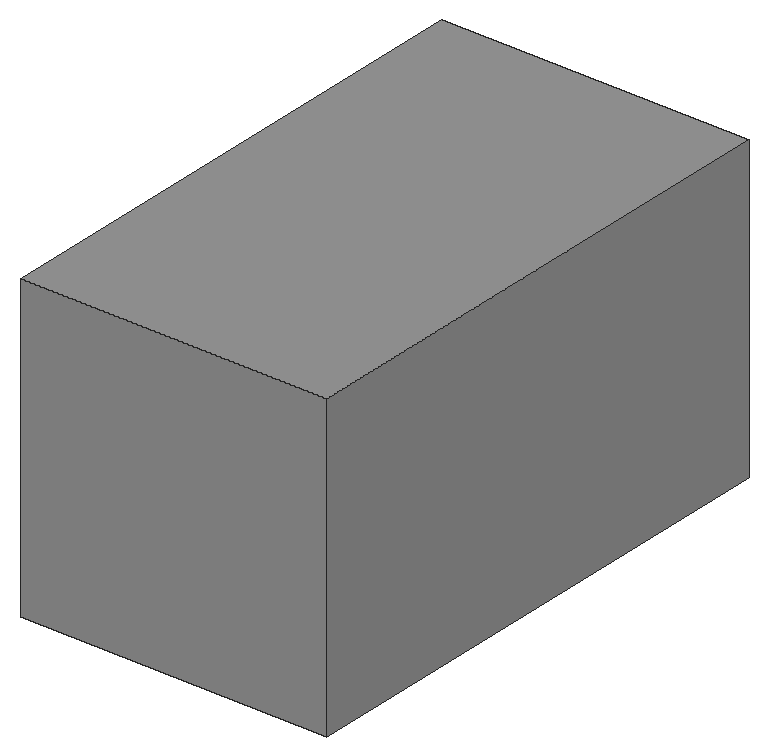
Revit family "PRE080015-FR", category Appareils sanitaires, Revit 2017
Family settings
  Cote de connecteur circulaire = Utiliser le diamètre
  Type d'élément = Normal
  Basée sur le plan de construction = Non
  Toujours verticalement = Oui
  Couper avec des vides une fois chargée = Non
  Partagée = Non
  Point de calcul de pièce = Non
Parameters (values of type "70806 PRESTO CHEF Mélangeur mural avec bec par-dessous")
  Variantes = "70806"
  Product data url = "https://www.bimobject.com/presto/product/pre080015"
  Product Guid = "4cf46d49-1ff3-4e6b-a9ef-2af74d86712c"
  Garantie = ""
  URL Fabricant = "http://www.prestodatashare.com/centretelechargement/index.php?lang=FR&refs=70806"
  URL = "http://www.prestodatashare.com/centretelechargement/index.php?lang=FR&refs=70806"
  Lien notice d'utilisation = "http://www.prestodatashare.com/centretelechargement/index.php?lang=FR&refs=70806"
  Lien fiche produit = "http://www.prestodatashare.com/espacedoc/Fiches_Techniques/FR/70806.pdf"
  Reference = "70806"
  Pression = ""
  Polantis code = "PRE080015"
  Perte de charge = 0.0 Pa
  Profondeur = 374 mm
  Modèle = "70806 PRESTO CHEF Mélangeur mural avec bec par-dessous"
  Matériau = Laiton poli chromé
  Lien CCTP = "http://www.prestodatashare.com/centretelechargement/index.php?lang=FR&refs=70806"
  Largeur = 217 mm
  HC = 25 mm
  Hauteur = 215 mm
  Fonction = "Bec orientable à 360°, saillie 300 mm, hauteur sous\"corps\" 182 mm, diamètre 22 mm. Epaisseur de bec : 1,5 mm.\nTête céramique 1/4 de tour avec débit 30L/min à 3 bar\nBrise-jet anti-tartre interchangeable\n\nPression d'utilisation recommandée : 1 à 5 bars\n\nDébit : 30L/min à 3 bar\n\nAlimentation hydraulique : Raccords excentrés M 1/2'' M 3/4'' fournis avec rosaces\n\nMatière et couleur de finition : \nCorps et bec en laiton chromé\nMatière conforme avec la liste \"UBA\"\n\nRésistance thermique : Résiste à une température de 75° C durant 30 minutes (dans le cadre de chocs thermiques)."
  Flux = 0.05 L/s
  Finition = "Corps en laiton chromé conforme aux normes NF EN1982/ NF EN 12164 / NF EN 12165\nTraitement de surface Nickel-Chrome selon NF EN12540\nRésistance au brouillard salin neutre (NSS) : 200 h selon NF ISO 9229"
  Fabricant = "LES ROBINETS PRESTO S.A."
  Edition number = 0
  Diamètre Nominal = 15 mm
  Description = "Produit résistant à un usage intensif\nInterface corps/bec renforcé avec double paliers de glissement : absence de jeu et endurance élevée\nBec cossu : diamètre 22 mm\nVolants intuitifs et ergonomiques : facilité de préhension\nHygiène : bec à intérieur lisse\nVersion murale : facilite le nettoyage et favorise une hygiène optimale\nFacilité de nettoyage\nBec haut pour laisser passer les grands contenants\nMaintenance aisée : présence d'une fente sous la pastille rouge/bleue permettant le passage d'un tournevis\nFacilité de maintenance : disponibilité de toutes les pièces d'usure\nBrise-jet pour canaliser l'eau et éviter les projections d'eau latérales"
  Debit = "3 l/min par limiteur de débit intégré\r\r\nAérateur anti-tartre haute qualité\r\r\nDispositif anti-coup de bélier"
  Raccordement = "2xG1/2 entraxe 150 derriere haut"
  Adresse = "7, RUE RACINE - 92542 MONTROUGE CEDEX FRANCE"
Reference planes
  plane 1 "Centre (avant/arrière)": y = 0
  plane 2: z = 0
  plane 3 "Centre (gauche/droite)": x = 0
  plane 4: y = -374
  plane 5: x = 217
  plane 6: z = 215
  plane 7: x = 108.5
  plane 8: z = 190
  plane 9: y = -25.5
  plane 10: z = 1
  plane 11: y = -1
  plane 12: x = 15
  plane 13: x = 202
Forms (mm)
  Extrusion 1, solid, material "Laiton poli chromé" <- "Matériau", detail levels fine
    sketch origin (0, 0, 0) x (1, 0, 0) y (0, 1, 0)
      loop
        line (0, 0) -> (0, -374) -> (217, -374) -> (217, 0) -> (0, 0)
    from 0 to 215
  Extrusion 2, solid, material "Laiton poli chromé" <- "Matériau", detail levels fine
    sketch origin (0, 0, 0) x (1, 0, 0) y (0, 0, 1)
      loop
        circle (15, 190) r 4
    from 0 to 1
  Extrusion 3, solid, material "Laiton poli chromé" <- "Matériau", detail levels fine
    sketch origin (0, 0, 0) x (1, 0, 0) y (0, 0, 1)
      loop
        circle (202, 190) r 4
    from 0 to 1
Cuts and joins
  joined: Extrusion 1, Extrusion 2, Extrusion 3
Dimensions and locks
  "Profondeur": plane 1 "Centre (avant/arrière)" to plane 4
  "Largeur": plane 3 "Centre (gauche/droite)" to plane 5
  "Hauteur": plane 6 to level
  equal spacing: plane 3 "Centre (gauche/droite)", plane 7, plane 5
  "HC": plane 6 to plane 8
  plane 1 "Centre (avant/arrière)" to plane 9 = 25.5 mm
  locked: plane 10 to plane 2 at 1
  locked: plane 1 "Centre (avant/arrière)" to plane 11 at 1
  locked: plane 13 to plane 5 at 15
  locked: plane 3 "Centre (gauche/droite)" to plane 12 at 15
  aligned and locked: level to plane 2
  aligned and locked: plane 1 "Centre (avant/arrière)" to Extrusion 1 sketch curve
  aligned and locked: plane 3 "Centre (gauche/droite)" to Extrusion 1 sketch curve
  aligned and locked: plane 4 to Extrusion 1 sketch curve
  aligned and locked: plane 5 to Extrusion 1 sketch curve
  aligned and locked: plane 6 to Extrusion 1
  aligned and locked: Extrusion 2 to plane 11
  aligned and locked: Extrusion 2 to plane 1 "Centre (avant/arrière)"
  aligned and locked: plane 7 to nested 1
  aligned and locked: plane 1 "Centre (avant/arrière)" to nested 1
  aligned and locked: nested 2 to plane 3 "Centre (gauche/droite)"
  aligned and locked: nested 2 to plane 4
Automatic sketch dimensions
  Extrusion 2 sketch curve to plane 8 = 0 mm
  plane 12 to Extrusion 2 sketch curve = 0 mm
  Extrusion 3 sketch curve to plane 8 = 0 mm
  Extrusion 3 sketch curve to plane 13 = 0 mm
  radius of Extrusion 2 sketch curve = 4 mm
  radius of Extrusion 3 sketch curve = 4 mm
Nested families
  nested 1: "Symbolique" at (0, -187, 82.5) x (0, 1, 0) z (0, 0, 1), type "Symbolique", detail levels coarse+medium
  nested 2: "S2D" at (217, -187, 0) x (0, 1, 0) z (0, 0, 1), type "S2D", detail levels coarse+medium
Connectors
  piping at (15, 0, 190), diameter 15, driven by "Flux", driven by "Perte de charge", driven by "Diamètre Nominal"
    settings: on Extrusion 2, index 2, connector inside diameter 609.6 mm, connector length 0 mm, flow factor 0, pipe flow 0.05 L/s, pressure drop 0.0 Pa, fitting loss kfactor 0, connector angle 0.00°, fixture units 0, engagement length 0 mm, angle of deflection 0.00°, flow configuration 0, flow direction 1, fitting loss method 4, system type 19, joint type 0, gender type 0, connector reference index -1, connector utility 0, adjustable connector no, is connector primary yes, connector description ""
  piping at (202, 0, 190), diameter 15, driven by "Diamètre Nominal", driven by "Flux", driven by "Perte de charge"
    settings: on Extrusion 3, index 3, connector inside diameter 609.6 mm, connector length 0 mm, flow factor 0, pipe flow 0.05 L/s, pressure drop 0.0 Pa, fitting loss kfactor 0, connector angle 0.00°, fixture units 0, engagement length 0 mm, angle of deflection 0.00°, flow configuration 0, flow direction 1, fitting loss method 4, system type 20, joint type 0, gender type 0, connector reference index -1, connector utility 0, adjustable connector no, is connector primary no, connector description ""
Definition of nested family "Symbolique"
  Parameters (values of type "Symbolique")
    V = yes
    P = 1000 mm
    L = 1000 mm
    H = 1000 mm
  Reference planes
    plane 1 "Centre (avant/arrière)": y = 0
    plane 2: z = 0
    plane 3 "Centre (gauche/droite)": x = 0
    plane 4: y = -1000
    plane 5: x = -500
    plane 6: x = 500
    plane 7: z = 1000
    plane 8: z = 500
    plane 9: y = -500
  Lines and regions (mm)
    model lines, visible <- "V"
      curve 1: line (-500, -1000, 500) -> (-500, 0, 500)
      curve 2: line (500, -1000, 500) -> (500, 0, 500)
      curve 3: line (500, 0, 500) -> (-500, -1000, 500)
      curve 4: line (-500, 0, 500) -> (500, -1000, 500)
  Dimensions and locks
    "H": plane 7 to plane 2
    equal spacing: plane 5, plane 3 "Centre (gauche/droite)", plane 6
    "L": plane 5 to plane 6
    equal spacing: plane 7, plane 8, level
    equal spacing: plane 4, plane 9, plane 1 "Centre (avant/arrière)"
    "P": plane 1 "Centre (avant/arrière)" to plane 4
    aligned and locked: level to plane 2
  Automatic sketch dimensions
    plane 1 "Centre (avant/arrière)" to curve 3 = 0 mm
    curve 3 to plane 6 = 0 mm
    curve 3 to plane 4 = 0 mm
    curve 3 to plane 5 = 0 mm
    plane 1 "Centre (avant/arrière)" to curve 1 = 0 mm
    curve 2 to plane 4 = 0 mm
Definition of nested family "S2D"
  Parameters (values of type "S2D")
    P = 788.322 mm
    L = 1600 mm
    H = 1250.021 mm
  Reference planes
    plane 1 "Centre (avant/arrière)": y = 0
    plane 2: z = 0
    plane 3 "Centre (gauche/droite)": x = 0
    plane 4: y = 788.322
    plane 5: x = -800
    plane 6: x = 800
    plane 7: y = 394.161
    plane 8: z = 1250.021
    plane 9: z = 625.01
  Lines and regions (mm)
    symbolic lines
      curve 1: line (-800, 788.322, 0) -> (800, 0, 0)
      curve 2: line (800, 0, 0) -> (800, 788.322, 0)
      curve 3: line (800, 788.322, 0) -> (-800, 0, 0)
      curve 4: line (-800, 0, 0) -> (-800, 788.322, 0)
      curve 5: line (-800, 0, 0) -> (-800, 0, 1250.021)
      curve 6: line (-800, 0, 1250.021) -> (800, 0, 0)
      curve 7: line (800, 0, 0) -> (800, 0, 1250.021)
      curve 8: line (800, 0, 1250.021) -> (-800, 0, 0)
      curve 9: line (0, 0, 1250.021) -> (0, 0, 0)
      curve 10: line (0, 0, 0) -> (0, 788.322, 1250.021)
      curve 11: line (0, 788.322, 1250.021) -> (0, 788.322, 0)
      curve 12: line (0, 788.322, 0) -> (0, 0, 1250.021)
  Dimensions and locks
    equal spacing: plane 5, plane 3 "Centre (gauche/droite)", plane 6
    equal spacing: plane 1 "Centre (avant/arrière)", plane 7, plane 4
    "P": plane 1 "Centre (avant/arrière)" to plane 4
    "L": plane 5 to plane 6
    equal spacing: plane 8, plane 9, level
    "H": plane 8 to plane 2
    aligned and locked: level to plane 2
  Automatic sketch dimensions
    plane 1 "Centre (avant/arrière)" to curve 3 = 0 mm
    curve 1 to plane 4 = 0 mm
    curve 3 to plane 4 = 0 mm
    plane 1 "Centre (avant/arrière)" to curve 2 = 0 mm
    curve 3 to plane 6 = 0 mm
    curve 4 to plane 5 = 0 mm
    plane 5 to curve 5 = 0 mm
    curve 8 to level = 0 mm
    plane 6 to curve 8 = 0 mm
    curve 7 to level = 0 mm
    curve 8 to plane 8 = 0 mm
    curve 5 to plane 8 = 0 mm
    curve 11 to level = 0 mm
    curve 11 to plane 8 = 0 mm
    curve 9 to plane 8 = 0 mm
    curve 9 to plane 1 "Centre (avant/arrière)" = 0 mm
    curve 9 to level = 0 mm
    curve 11 to plane 4 = 0 mm
